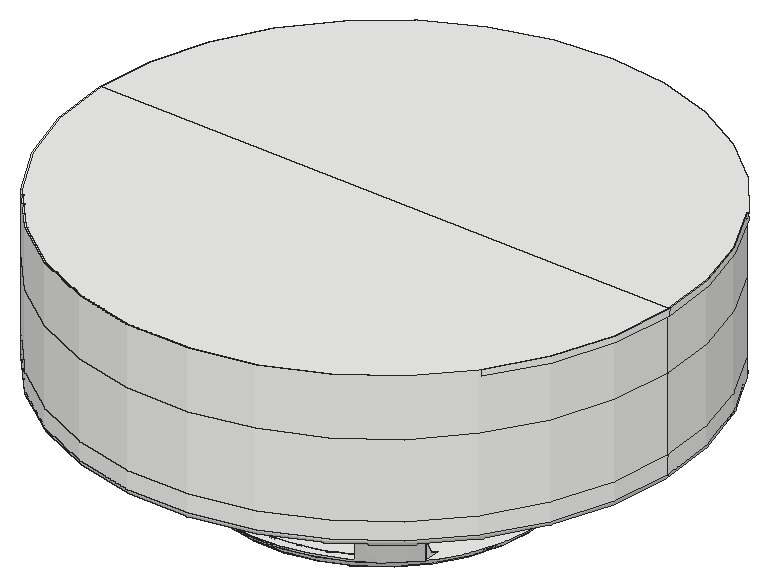
Revit family "Detector de Fumaça SDO ILUMAC", category Dispositivos de alarme de incêndio, Revit 2022
Family settings
  Cota do conector redondo = Utilizar diâmetro
  Tipo de parte = Normal
  Número OmniClass = 23.75.00.00
  Título OmniClass = Climate Control (HVAC)
  Com base no plano de trabalho = Não
  Sempre na vertical = Sim
  Corte com vazios quando carregada = Não
  Manter orientação da anotação = Não
  Compartilhado = Não
  Ponto de cálculo do ambiente = Não
Parameters (values of type "SDO-A BRANCO")
  Área de cobertura = "81m2"
  Umidade relativa = "a 0 a 95% (sem condensação)"
  Tipo de detecção = "Fumaça – por câmara óptica IRED"
  Tensão nominal = "24VCC"
  Tensão de operação = "20 a 30VCC"
  Tempo de resposta = "03 segundos"
  Tempo de inicialização = "15 segundos"
  Temperatura de operação = "-5ºC a +57ºC"
  Sensibilidade = "4,0 à 4,3% / ft"
  Protocolo de comunicação A = "ALF-1000-2"
  Peso = "150g"
  PLASTICO ABS = ABS BRANCO
  Nível de reposta = "0,08 à 0,15 dB/m"
  Níveis de acionamento = "Ajustados individualmente na central em até 3 níveis\r\nde sensibilidade: Baixa | Média (Padrão) | Alta"
  Normas técnicas aplicáveis = "NBR 17240 | ISO 7240-7"
  Modelo = "SDO-A BRANCO"
  Material da caixa = "Plástico ABS branco"
  Grau de proteção = "IP20 (uso interno)"
  Fixação = "Base de sobrepor c/ terminais p/ conexão dos cabos"
  Família desenvolvida por = "BIMPREV | @bimprev | suporte@bimprev.com"
  Fabricante = "ILUMAC"
  Esc. Símbolo - 1/50-75 [instance] = yes
  Esc. Símbolo - 1/100-200 [instance] = yes
  Endereços utilizados = "1 endereço"
  Endereços programáveis = "001 a 125 (por laço)"
  Elevação padrão = 0 mm
  Dimensões (AxLxP) = "98mm de diâmetro e 45mm de profund. (com a base)"
  Descrição = "Detector de Fumaça Óptico Analógico Sirius SDO-A branco"
  Código do produto = "0040050"
  Consumo = "900uA em supervisão\r\n1,8mA em alarme"
  Altura máxima de instalação = "8m*"
Types (10, lengths in mm): name | Umidade relativa | Tensão de operação | Protocolo de comunicação A | Peso | PLASTICO ABS | Níveis de acionamento | Modelo | Material da caixa | Endereços utilizados | Endereços programáveis | Descrição | Código do produto | Consumo
  SDO-C BRANCO | "(0 a 95% (sem condensação)" | "20 a 28VCC" | "" | "130g" | ABS BRANCO | "" | "SDO-C BRANCO" | "Plástico ABS branco" | "" | "" | "Detector de Fumaça Convencional SDO-C branco" | "0010017" | "90uA em supervisão\r\n30mA em alarme"
  SDO-C PRETO | "(0 a 95% (sem condensação)" | "20 a 28VCC" | "" | "130g" | PLÁSTICO PRETO | "" | "SDO-C PRETO" | "Plástico ABS preto" | "" | "" | "Detector de Fumaça Convencional SDO-C preto" | "0010020" | "90uA em supervisão\r\n30mA em alarme"
  SDO-E BRANCO | "a 0 a 95% (sem condensação)" | "22 a 28VCC" | "ALF-500 (proprietário)" | "150g" | ABS BRANCO | "" | "SDO-E BRANCO" | "Plástico ABS branco" | "1 endereço" | "001 a 500" | "Detector de Fumaça Endereçável SDO-E branco" | "0020029" | "400uA em supervisão\r\n1,3mA em alarme"
  SDO-E PRETO | "a 0 a 95% (sem condensação)" | "22 a 28VCC" | "ALF-500 (proprietário)" | "150g" | PLÁSTICO PRETO | "" | "SDO-E PRETO" | "Plástico ABS preto" | "1 endereço" | "001 a 500" | "Detector de Fumaça Endereçável SDO-E preto" | "0020028" | "400uA em supervisão\r\n1,3mA em alarme"
  SDO-D BRANCO | "a 0 a 95% (sem condensação)" | "20 a 30VCC" | "ALF-1000-2 (proprietário)" | "150g" | ABS BRANCO | "" | "SDO-D BRANCO" | "Plástico ABS branco" | "1 endereço" | "001 a 125 (por laço)" | "Detector de Fumaça Óptico Endereçável Sirius SDO-D branco" | "0040021" | "900uA em supervisão\r\n1,8mA em alarme"
  SDO-A BRANCO | "a 0 a 95% (sem condensação)" | "20 a 30VCC" | "ALF-1000-2" | "150g" | ABS BRANCO | "Ajustados individualmente na central em até 3 níveis\r\nde sensibilidade: Baixa | Média (Padrão) | Alta" | "SDO-A BRANCO" | "Plástico ABS branco" | "1 endereço" | "001 a 125 (por laço)" | "Detector de Fumaça Óptico Analógico Sirius SDO-A branco" | "0040050" | "900uA em supervisão\r\n1,8mA em alarme"
  SDO-A PRETO | "a 0 a 95% (sem condensação)" | "20 a 30VCC" | "ALF-1000-2" | "150g" | PLÁSTICO PRETO | "Ajustados individualmente na central em até 3 níveis\r\nde sensibilidade: Baixa | Média (Padrão) | Alta" | "SDO-A PRETO" | "Plástico ABS preto" | "1 endereço" | "001 a 125 (por laço)" | "Detector de Fumaça Óptico Analógico Sirius SDO-A preto" | "0040050" | "900uA em supervisão\r\n1,8mA em alarme"
  SDO-D PRETO | "a 0 a 95% (sem condensação)" | "20 a 30VCC" | "ALF-1000-2 (proprietário)" | "150g" | PLÁSTICO PRETO | "" | "SDO-D PRETO" | "Plástico ABS preto" | "1 endereço" | "001 a 125 (por laço)" | "Detector de Fumaça Óptico Endereçável Sirius SDO-D preto" | "0040021" | "900uA em supervisão\r\n1,8mA em alarme"
  SDO-G BRANCO | "0 a 95% (sem condensação)" | "20 a 30VCC" | "CYGNUS (proprietário)" | "150g" | ABS BRANCO | "" | "SDO-G BRANCO" | "Plástico ABS branco" | "1 endereço" | "001 a 125 (por laço)" | "Detector de Fumaça Óptico Endereçável Cygnus SDO-G branco" | "007045" | "850uA em supervisão\r\n1,9mA em alarme"
  SDO-G PRETO | "0 a 95% (sem condensação)" | "20 a 30VCC" | "CYGNUS (proprietário)" | "150g" | ABS BRANCO | "" | "SDO-G PRETO" | "Plástico ABS preto" | "1 endereço" | "001 a 125 (por laço)" | "Detector de Fumaça Óptico Endereçável Cygnus SDO-G preto" | "007046" | "850uA em supervisão\r\n1,9mA em alarme"
Reference planes
  plane 1 "Centro (Frente/Trás)": y = 0
  plane 2: z = 0
  plane 3 "Centro (Esquerda/Direita)": x = 0
Forms (mm)
  Revolve 1, solid, material "ABS BRANCO" <- "PLASTICO ABS", detail levels fine
    sketch origin (0.198, -0.486, 0) x (1, 0, 0) y (0, 0, -1)
      loop
        line (49.973, 0) -> (49.973, 1) -> (0, 1) -> (0, 0) -> (49.973, 0)
      axis (0, 0) -> (0, 1)
    angle from 0 to 360
  Extrusion 2, solid, material "ABS BRANCO", detail levels fine
    sketch origin (0, -0.677, -14.019) x (0, -1, 0) y (-1, 0, 0)
      loop
        circle (0, 0) r 45.799
    from 0 to 12
  Revolve 3, solid, material "ABS BRANCO" <- "PLASTICO ABS", detail levels fine
    sketch origin (-1706.237, -0.677, -6276.285) x (1, 0, 0) y (0, 0, -1)
      loop
        line (1706.237, -6232.285) -> (1706.237, -6233.883) -> (1731.071, -6233.883)
        arc (1731.071, -6233.883) -> (1731.562, -6234.012) -> (1731.927, -6234.366) r 1
        spline (1731.927, -6234.366) -> (1732.339, -6235.445) -> (1732.791, -6236.517) -> (1733.281, -6237.582) -> (1733.811, -6238.638) -> (1734.38, -6239.688) -> (1734.988, -6240.729) -> (1735.635, -6241.763) -> (1736.322, -6242.789) -> (1737.047, -6243.808) -> (1737.812, -6244.819) -> (1738.615, -6245.822) -> (1739.458, -6246.818)
        arc (1739.458, -6246.818) -> (1745.471, -6249.782) -> (1752.036, -6251.138) r 26.441
        line (1752.036, -6251.138) -> (1752.036, -6262.266) -> (1706.237, -6262.266) -> (1706.237, -6276.285) -> (1756.237, -6276.285) -> (1756.237, -6266.285) -> (1756.237, -6253.285) -> (1756.237, -6250.266)
        arc (1756.237, -6250.266) -> (1755.957, -6249.573) -> (1755.274, -6249.267) r 1
        arc (1755.274, -6249.267) -> (1745.478, -6246.898) -> (1737.37, -6240.912) r 25.441
        spline (1737.37, -6240.912) -> (1736.892, -6240.345) -> (1736.437, -6239.774) -> (1736.005, -6239.2) -> (1735.596, -6238.623) -> (1735.21, -6238.042) -> (1734.846, -6237.458) -> (1734.505, -6236.871) -> (1734.187, -6236.28) -> (1733.891, -6235.686) -> (1733.617, -6235.089) -> (1733.366, -6234.488) -> (1733.136, -6233.883)
        line (1733.136, -6233.883) -> (1731.831, -6232.578)
        arc (1731.831, -6232.578) -> (1731.507, -6232.361) -> (1731.124, -6232.285) r 1
        line (1731.124, -6232.285) -> (1706.237, -6232.285)
      axis (1706.237, -6276.285) -> (1706.237, -6232.285)
    angle from 0 to 360
  Extrusion 4, void
    sketch origin (-1.237, -0.677, -30) x (0, 1, 0) y (-1, 0, 0)
      loop
        circle (0, -36.791) r 2.5
      loop
        circle (0, 36.476) r 2.5
    from 2.62 to -10
  Extrusion 5, solid, material "ABS BRANCO" <- "PLASTICO ABS", detail levels fine
    sketch origin (0, -0.677, -42.402) x (0, -1, 0) y (1, 0, 0)
      loop
        spline (16.567, -12.058) -> (16.713, -10.051) -> (16.832, -8.044) -> (16.923, -6.037) -> (16.986, -4.03) -> (17.02, -2.023) -> (17.027, -0.015) -> (17.006, 1.992) -> (16.956, 3.999) -> (16.879, 6.006) -> (16.773, 8.013) -> (16.64, 10.02) -> (16.478, 12.027)
        spline (16.478, 12.027) -> (12.653, 13.076) -> (9.018, 13.688) -> (5.566, 13.881) -> (2.294, 13.676) -> (-0.806, 13.091) -> (-3.737, 12.147) -> (-6.506, 10.861) -> (-9.118, 9.254) -> (-11.577, 7.346) -> (-13.891, 5.154) -> (-16.063, 2.699) -> (-18.1, 0)
        spline (-18.1, 0) -> (-16.058, -2.706) -> (-13.88, -5.167) -> (-11.561, -7.364) -> (-9.095, -9.278) -> (-6.476, -10.889) -> (-3.7, -12.178) -> (-0.761, -13.125) -> (2.346, -13.711) -> (5.627, -13.917) -> (9.087, -13.723) -> (12.732, -13.11) -> (16.567, -12.058)
      loop
        circle (10.47, 1.145) r 4.161
      loop
        circle (10.391, 1.145) r 3.561
      loop
        spline (15.065, -10.27) -> (15.194, -8.508) -> (15.298, -6.747) -> (15.378, -4.985) -> (15.433, -3.224) -> (15.463, -1.462) -> (15.469, 0.299) -> (15.45, 2.061) -> (15.407, 3.822) -> (15.339, 5.584) -> (15.246, 7.345) -> (15.129, 9.107) -> (14.987, 10.868)
        spline (14.987, 10.868) -> (11.636, 11.709) -> (8.464, 12.18) -> (5.464, 12.302) -> (2.627, 12.096) -> (-0.057, 11.579) -> (-2.598, 10.765) -> (-5.006, 9.666) -> (-7.291, 8.294) -> (-9.462, 6.661) -> (-11.524, 4.779) -> (-13.479, 2.662) -> (-15.328, 0.322)
        spline (-15.328, 0.322) -> (-13.506, -2.09) -> (-11.575, -4.272) -> (-9.53, -6.209) -> (-7.371, -7.887) -> (-5.093, -9.292) -> (-2.687, -10.411) -> (-0.141, -11.23) -> (2.556, -11.737) -> (5.415, -11.915) -> (8.447, -11.745) -> (11.66, -11.204) -> (15.065, -10.27)
      loop
        spline (13.245, 10.615) -> (10.214, 11.319) -> (7.361, 11.692) -> (4.677, 11.754) -> (2.151, 11.526) -> (-0.229, 11.025) -> (-2.474, 10.263) -> (-4.597, 9.248) -> (-6.612, 7.988) -> (-8.527, 6.494) -> (-10.348, 4.773) -> (-12.073, 2.838) -> (-13.705, 0.697)
        spline (-13.705, 0.697) -> (-13.315, 0.051) -> (-12.912, -0.56) -> (-12.498, -1.132) -> (-12.072, -1.664) -> (-11.636, -2.156) -> (-11.189, -2.605) -> (-10.732, -3.009) -> (-10.266, -3.368) -> (-9.791, -3.68) -> (-9.307, -3.943) -> (-8.816, -4.156) -> (-8.318, -4.316)
        spline (-8.318, -4.316) -> (-6.294, -4.676) -> (-4.526, -4.678) -> (-2.962, -4.446) -> (-1.553, -4.106) -> (-0.248, -3.781) -> (0.965, -3.546) -> (2.04, -3.392) -> (2.922, -3.3) -> (3.572, -3.258) -> (4.127, -3.321) -> (4.843, -3.591) -> (5.851, -4.316)
        line (5.851, -4.316) -> (5.851, 6.241) -> (13.922, 8.403) -> (13.245, 10.615)
      loop
        line (4.845, -2.221) -> (4.845, 5.316)
        arc (4.845, 5.316) -> (4.488, 6.082) -> (3.671, 6.301) r 1
        line (3.671, 6.301) -> (-4.812, 4.796)
        arc (-4.812, 4.796) -> (-5.602, 4.766) -> (-6.371, 4.952) r 2.889
        arc (-6.371, 4.952) -> (-7.41, 5.31) -> (-8.061, 4.424) r 0.928
        line (-8.061, 4.424) -> (-8.059, -2.488)
        spline (-8.059, -2.488) -> (-7.998, -2.629) -> (-7.93, -2.757) -> (-7.856, -2.873) -> (-7.776, -2.977) -> (-7.69, -3.068) -> (-7.598, -3.146) -> (-7.499, -3.211) -> (-7.395, -3.264) -> (-7.284, -3.305) -> (-7.167, -3.333) -> (-7.044, -3.348) -> (-6.914, -3.35)
        spline (-6.914, -3.35) -> (-5.391, -3.544) -> (-4.202, -3.577) -> (-3.254, -3.494) -> (-2.449, -3.339) -> (-1.707, -3.15) -> (-0.981, -2.94) -> (-0.232, -2.72) -> (0.58, -2.5) -> (1.489, -2.295) -> (2.504, -2.146) -> (3.623, -2.105) -> (4.845, -2.221)
    from -2.11 to 0
  Extrusion 6, void
    sketch origin (0, 0, 0) x (1, 0, 0) y (0, 1, 0)
      loop
        line (28.959, 31.465) -> (18.051, 17.602) -> (20.791, -17.39) -> (30.779, -30.352)
        arc (30.779, -30.352) -> (43.037, 0.944) -> (28.959, 31.465) r 42.877
    from -42.402 to -35.373
  Extrusion 7, void
    sketch origin (0, 0, 0) x (1, 0, 0) y (0, 1, 0)
      loop
        line (22.82, -35.861) -> (12.292, -22.386)
        arc (12.292, -22.386) -> (-9.627, -22.267) -> (-22.627, -4.618) r 24.428
        line (-22.627, -4.618) -> (-38.423, -4.618)
        arc (-38.423, -4.618) -> (-14.577, -33.522) -> (22.82, -35.861) r 47.081
    from -41.919 to -35.373
  Extrusion 8, void
    sketch origin (0, 0, 0) x (1, 0, 0) y (0, 1, 0)
      loop
        line (-38.437, 4.971) -> (-22.423, 4.971)
        arc (-22.423, 4.971) -> (-10.412, 21.022) -> (9.562, 22.743) r 24.514
        line (9.562, 22.743) -> (21.15, 37.575)
        arc (21.15, 37.575) -> (-16.123, 34.942) -> (-38.437, 4.971) r 44.803
    from -41.919 to -35.373
Cuts and joins
  Extrusion 4, Extrusion 6, Extrusion 7, Extrusion 8 cuts Revolve 3
  Extrusion 6, Extrusion 7, Extrusion 8 cuts Revolve 1
Lines and regions (mm)
  model lines, detail levels coarse+medium
    curve 1: line (-40.421, 40.421, 0) -> (40.421, 40.421, 0)
    curve 2: line (-40.421, -40.421, 0) -> (-40.421, 40.421, 0)
    curve 3: line (40.421, -40.421, 0) -> (-40.421, -40.421, 0)
    curve 4: line (40.421, 40.421, 0) -> (40.421, -40.421, 0)
    curve 5: line (-23.098, 0, 0) -> (23.098, 0, 0)
    curve 6: line (-23.098, 0, 0) -> (9.567, 32.665, 0)
    curve 7: line (23.098, 0, 0) -> (-9.567, -32.665, 0)
  model lines, not visible, detail levels coarse+medium
    curve 8: line (337.423, -12.501, 0) -> (418.265, -12.501, 0)
    curve 9: line (337.423, -93.343, 0) -> (337.423, -12.501, 0)
    curve 10: line (418.265, -93.343, 0) -> (337.423, -93.343, 0)
    curve 11: line (418.265, -12.501, 0) -> (418.265, -93.343, 0)
    curve 12: line (354.746, -52.922, 0) -> (400.941, -52.922, 0)
    curve 13: line (354.746, -52.922, 0) -> (387.411, -20.257, 0)
    curve 14: line (400.941, -52.922, 0) -> (368.276, -85.587, 0)
Dimensions and locks
  aligned and locked: level to plane 2
Nested families
  nested 1: "Anotação Detector de fumaça pontual 1-50" at (0, 0, 0), visible <- "Esc. Símbolo - 1/50-75", type "Anotação Detector de fumaça pontual 1-50", detail levels coarse+medium
    with Esc. Símbolo - 1/50~75 yes, Deslocamento lateral do simbolo 0 mm, Deslocamento frontal do simbolo 0 mm
  nested 2: "Anotação Detector de fumaça pontual 1-100" at (0, 0, 0), visible <- "Esc. Símbolo - 1/100-200", type "Anotação Detector de fumaça pontual 1-100", detail levels coarse+medium
    with Esc. Símbolo - 1/100~200 yes, Deslocamento lateral do simbolo 0 mm, Deslocamento frontal do simbolo 0 mm
Definition of nested family "Anotação Detector de fumaça pontual 1-50"
  Parameters (values of type "Anotação Detector de fumaça pontual 1-50")
    Esc. Símbolo - 1/50~75 [instance] = yes
    Deslocamento lateral do simbolo [instance] = 0 mm
    Deslocamento frontal do simbolo [instance] = 0 mm
  Reference planes
    plane 1: y = 0
    plane 2: x = 0
  Lines and regions (mm)
    Masking region 1
      outline origin (0, 0, 0) x (1, 0, 0) y (0, 1, 0)
        loop
          line (-4, -4) -> (4, -4) -> (4, 4) -> (-4, 4) -> (-4, -4)
    Masking region 2, not visible
      outline origin (0, 0, 0) x (1, 0, 0) y (0, 1, 0)
        loop
          line (-4, -4) -> (4, -4) -> (4, 4) -> (-4, 4) -> (-4, -4)
    detail lines
      curve 1: line (-4, 4, 0) -> (4, 4, 0)
      curve 2: line (-4, -4, 0) -> (-4, 4, 0)
      curve 3: line (4, -4, 0) -> (-4, -4, 0)
      curve 4: line (4, 4, 0) -> (4, -4, 0)
      curve 5: line (1.118, 3.247, 0) -> (-2.129, 0, 0)
      curve 6: line (-2.129, 0, 0) -> (2.129, 0, 0)
      curve 7: line (2.129, 0, 0) -> (-1.118, -3.247, 0)
    detail lines, not visible
      curve 8: line (-4, 4, 0) -> (4, 4, 0)
      curve 9: line (-4, -4, 0) -> (-4, 4, 0)
      curve 10: line (4, -4, 0) -> (-4, -4, 0)
      curve 11: line (4, 4, 0) -> (4, -4, 0)
      curve 12: line (1.118, 3.247, 0) -> (-2.129, 0, 0)
      curve 13: line (-2.129, 0, 0) -> (2.129, 0, 0)
      curve 14: line (2.129, 0, 0) -> (-1.118, -3.247, 0)
      curve 15: line (0, 4, 0) -> (0, -4, 0)
      curve 16: line (0, 4, 0) -> (0, -4, 0)
  Dimensions and locks
    "Deslocamento frontal do simbolo": plane 1 to curve 6
    "Deslocamento lateral do simbolo": plane 2 to curve 15
  Automatic sketch dimensions
    Masking region 1 sketch curve to Masking region 1 sketch curve = 8 mm  (x2)
    Masking region 2 sketch curve to Masking region 2 sketch curve = 8 mm  (x2)
Definition of nested family "Anotação Detector de fumaça pontual 1-100"
  Parameters (values of type "Anotação Detector de fumaça pontual 1-100")
    Esc. Símbolo - 1/100~200 [instance] = yes
    Deslocamento lateral do simbolo [instance] = 0 mm
    Deslocamento frontal do simbolo [instance] = 0 mm
  Reference planes
    plane 1: y = 0
    plane 2: x = 0
  Lines and regions (mm)
    Masking region 1
      outline origin (2, 0, 0) x (1, 0, 0) y (0, 1, 0)
        loop
          line (-4, -2) -> (0, -2) -> (0, 2) -> (-4, 2) -> (-4, -2)
    Masking region 2, not visible
      outline origin (2, 0, 0) x (1, 0, 0) y (0, 1, 0)
        loop
          line (-4, -2) -> (0, -2) -> (0, 2) -> (-4, 2) -> (-4, -2)
    detail lines
      curve 1: line (-2, 2, 0) -> (2, 2, 0)
      curve 2: line (-2, -2, 0) -> (-2, 2, 0)
      curve 3: line (2, -2, 0) -> (-2, -2, 0)
      curve 4: line (2, 2, 0) -> (2, -2, 0)
      curve 5: line (0.559, 1.623, 0) -> (-1.064, 0, 0)
      curve 6: line (-1.064, 0, 0) -> (1.064, 0, 0)
      curve 7: line (1.064, 0, 0) -> (-0.559, -1.623, 0)
    detail lines, not visible
      curve 8: line (-2, 2, 0) -> (2, 2, 0)
      curve 9: line (-2, -2, 0) -> (-2, 2, 0)
      curve 10: line (2, -2, 0) -> (-2, -2, 0)
      curve 11: line (2, 2, 0) -> (2, -2, 0)
      curve 12: line (0.559, 1.623, 0) -> (-1.064, 0, 0)
      curve 13: line (-1.064, 0, 0) -> (1.064, 0, 0)
      curve 14: line (1.064, 0, 0) -> (-0.559, -1.623, 0)
      curve 15: line (2, 2, 0) -> (2, -2, 0)
      curve 16: line (2, 2, 0) -> (2, -2, 0)
  Dimensions and locks
    "Deslocamento frontal do simbolo": plane 1 to curve 6
    "Deslocamento lateral do simbolo": plane 2 to plane 2
  Automatic sketch dimensions
    Masking region 1 sketch curve to Masking region 1 sketch curve = 4 mm  (x2)
    Masking region 2 sketch curve to Masking region 2 sketch curve = 4 mm  (x2)
    curve 1 to curve 6 = 0.936 mm
    curve 5 to curve 6 = 2.129 mm
    curve 6 to curve 3 = 0.936 mm
    curve 15 to curve 6 = 2 mm
    curve 5 to curve 2 = 2 mm
    curve 2 to curve 7 = 1.441 mm
    curve 5 to curve 15 = 1.441 mm
    curve 2 to curve 7 = 0.377 mm
    curve 5 to curve 15 = 0.377 mm
    curve 8 to curve 13 = 0.936 mm
    curve 12 to curve 13 = 2.129 mm
    curve 13 to curve 10 = 0.936 mm
    curve 16 to curve 13 = 2 mm
    curve 12 to curve 9 = 2 mm
    curve 9 to curve 14 = 1.441 mm
    curve 12 to curve 16 = 1.441 mm
    curve 9 to curve 14 = 0.377 mm
    curve 12 to curve 16 = 0.377 mm
